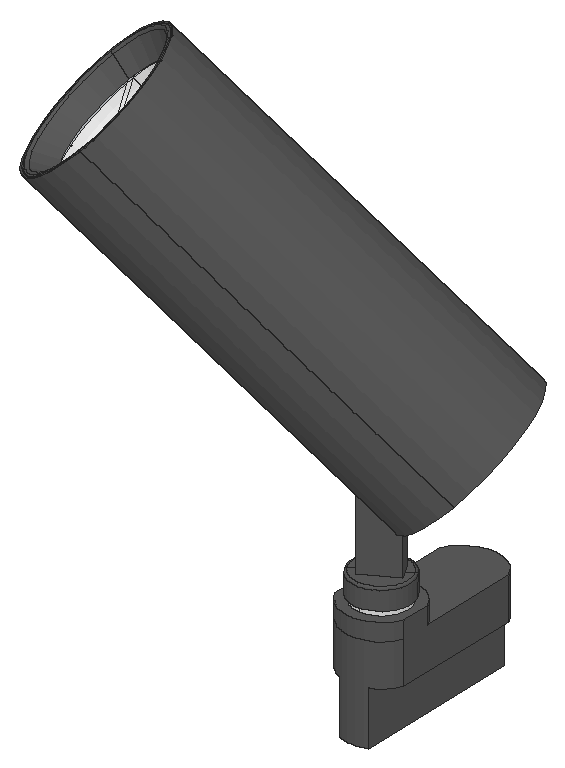
Revit family "0005443", category Lighting Fixtures, host Face, Revit 2017
Family settings
  Host = Face
  Round Connector Dimension = Use Diameter
  Part Type = Normal
  OmniClass Number = 23.80.70.00
  OmniClass Title = Lighting
  Cut with Voids When Loaded = No
  Light Source = No
  Shared = No
  Room Calculation Point = No
Parameters (values of type "0005443 PIXO MEDIUM 2800LM 930 NB MB WB BLK - 24 degree")
  Weight = "7.136 kg"
  Wattage Comments = ""
  WarrantyStartDate [instance] = "n/a"
  WarrantyGuarantorParts = "n/a"
  WarrantyDurationUnit = "n/a"
  WarrantyDurationParts = "n/a"
  WarrantyDescription = "n/a"
  Voltage = 0 V
  VerticalRotation_SYL [instance] = 60.00°
  VerticalEndAngle_SYL [instance] = VerticalRotation_SYL - 180.00°  # -120.00°
  URL = "http://www.sylvania-lighting.com"
  TypeName = "Pixo Medium 2800lm 930 NB MB WB BLK"
  TypeHead_SYL = START Track Spot Integral Head : 0005443 - 24
  TypeArm_SYL = START Track Spot Integral Arm : START Track Spot Integral BL
  Type Image = <None>
  Type Comments = "n/a"
  SerialNumber [instance] = "n/a"
  Material_3_SYL = none
  PowerFactor = 0.9
  PowerConsumption = "32 W"
  NominalLength = 283 mm
  NominalHeight = 81 mm
  NominalDepth = 86 mm
  Name = "Pixo Medium 2800lm 930 NB MB WB BLK"
  ModelReference = Name  # "Pixo Medium 2800lm 930 NB MB WB BLK"
  ModelNumber = "0005443"
  Model = Name  # "Pixo Medium 2800lm 930 NB MB WB BLK"
  Material = "n/a"
  ManufacturerName = "Feilo Sylvania"
  Manufacturer = "Feilo Sylvania"
  LuminousEfficacy = "89 lm/W"
  LuminaireType = ""
  LightOutputRatio = "n/a"
  LampsType = Lamp  # "LED"
  LampNominalLuminous = "2835 lm"
  LampMacAdamStep = "5"
  LampColourTemperature = "3000 K"
  LampColourRenderingIndex = "90"
  Lamp = "LED"
  Keynote = "16500"
  InstallationDate [instance] = "n/a"
  InputVoltage = "n/a"
  InputNominalFrequency = "n/a"
  IngressProtection = "IP20"
  ImpactProtectionIndex = "IK03"
  IfcExportType = "IfcLightFixtureType"
  IfcExportAs = "IfcLightFixtureType"
  HorizontalRotation_SYL [instance] = 45.00°
  ExpectedLife = 50000
  ElectricShockClassification = "Class I"
  DurationUnit = "hours"
  DocumentationLiterature = "http://www.sylvania-lighting.com/product/en-int/products/0005443"
  DimmingControlOptions = "n/a"
  Material_2_SYL = Spacer-Sylvania-StartTrackSpot-Aluminium
  Description = "Integrated LED spotlight, Textured Black - RAL9005, simple and slick integral design with no driver box and without any visible screws, ideal for retail applications, die-cast aluminium body, passive cooling heatsink. Beam angle: 36°, additional lenses 24° and 54° beam angle included, color temperature: 3000K , total system power: 32W, total fixture output: 2835 lm, LOR: 100%, colour rendering: Ra: 90 typical, LED Chromaticity: 3 step MacAdam ellipse, lifetime: >50000 hours at L70B50, energy class: A++, A+, A, IR/UV free light source without heat radiation, operating voltage: 220-240V / 50-60Hz,  electronic driver, non-dimmable, ultra low LED flickering rate (5% or less), power factor: >0.90, electrical protection: Class I, Global Track 3 Circuit GA69 adapter suitable for Global trac 3-circuit tracks, ingress protection rating: IP20, suitable for internal environment only, horizontal rotation: 345°, vertical tilt: 90°, dimensions: Ø80x86x283, weight: 0.892kg."
  Default Elevation = 1219.2 mm
  CreatedOn = "9/9/2020"
  CreatedBy = "@sylvania-lighting.com"
  Cost = 0
  built-in parameter 1114216 [instance] = (empty or 0)
  ClassificationValue = "EF_70_80"
  ClassificationName = "Uniclass2015"
  Material_1_SYL = Body-Sylvania-StartTrackSpot-Black
  BarCode [instance] = "n/a"
  AssetType = "Fixed"
  AssetIdentifier [instance] = "n/a"
  Assembly Code = "D5020200"
  Apparent Load = 32 VA
  Material_4_SYL = none
Reference planes
  plane 1 "Center (Front/Back)": y = 0
  plane 2: z = 0
  plane 3 "Center (Left/Right)": x = 0
  plane 4: x = 16.6
  plane 5: x = -16.6
  plane 6: x = 7
  plane 7: x = -7
  plane 8: x = -12.8
  plane 9: y = 42
  plane 10: y = 42
  plane 11: y = -42
  plane 12: y = 31.4
  plane 13: y = -31.4
  plane 14: z = -26
  plane 15: z = 20.3
  plane 16: z = 28.5
  plane 17: z = 31.2
  plane 18: y = -17.4
  plane 19: y = -6.8
  plane 20: y = -24.4
Forms (mm)
  Extrusion 1, solid, material "Body-Sylvania-StartTrackSpot-Black" <- "Material_1_SYL"
    sketch origin (0, 0, 0) x (1, 0, 0) y (0, 1, 0)
      loop
        line (-16.6, 31.4) -> (-16.6, -31.4)
        arc (-16.6, -31.4) -> (0, -42) -> (16.6, -31.4) r 18.298
        line (16.6, -31.4) -> (16.6, 31.4)
        arc (16.6, 31.4) -> (0, 42) -> (-16.6, 31.4) r 18.298
    from -26 to 20.3
  Extrusion 2, void
    sketch origin (0, 0, 0) x (1, 0, 0) y (0, 1, 0)
      loop
        arc (-7, 40.608) -> (-12.666, 36.907) -> (-16.6, 31.4) r 18.298
        line (-16.6, 31.4) -> (-16.6, -31.4)
        arc (-16.6, -31.4) -> (-12.666, -36.907) -> (-7, -40.608) r 18.298
        line (-7, -40.608) -> (-7, 40.608)
      loop
        line (16.6, -31.4) -> (16.6, 31.4)
        arc (16.6, 31.4) -> (12.666, 36.907) -> (7, 40.608) r 18.298
        line (7, 40.608) -> (7, -40.608)
        arc (7, -40.608) -> (12.666, -36.907) -> (16.6, -31.4) r 18.298
    from 0 to -26
  Extrusion 3, solid, material "Body-Sylvania-StartTrackSpot-Black" <- "Material_1_SYL"
    sketch origin (1223.4, -4572, 20.3) x (0, -1, 0) y (-1, 0, 0)
      loop
        line (-4540.6, 1240) -> (-4554.6, 1240)
        arc (-4554.6, 1240) -> (-4565.2, 1223.4) -> (-4554.6, 1206.8) r 18.298
        line (-4554.6, 1206.8) -> (-4540.6, 1206.8)
        arc (-4540.6, 1206.8) -> (-4530, 1223.4) -> (-4540.6, 1240) r 18.298
    from -8.2 to 0
  Extrusion 4, solid, material "Spacer-Sylvania-StartTrackSpot-Aluminium" <- "Material_2_SYL"
    sketch origin (1223.4, -4572, 28.5) x (0, -1, 0) y (-1, 0, 0)
      loop
        circle (-4547.6, 1223.4) r 12.7
    from 0 to -2.7
  Revolve 5, solid, not visible
    sketch origin (1524, -24.4, 1219.2) x (1, 0, 0) y (0, 0, 1)
      loop
        line (-1524, -1188) -> (-1524, -1168.735) -> (-1531, -1168.735) -> (-1531, -1188) -> (-1524, -1188)
      axis (-1524, -1168.735) -> (-1524, -1188)
    angle from 60 <- "VerticalRotation_SYL" to -120 <- "VerticalEndAngle_SYL"
Cuts and joins
  Extrusion 2 cuts Extrusion 1
  joined: Extrusion 1, Extrusion 3
Lines and regions (mm)
  reference lines
    curve 1: circle (0, -24.4, 0) r 12.7 normal (0, 0, 1)
    curve 2: arc (-16.6, -31.4, 0) -> (0, -42, 0) -> (16.6, -31.4, 0) r 18.298
    curve 3: arc (-16.6, -17.4, 0) -> (0, -6.8, 0) -> (16.6, -17.4, 0) r 18.298
    curve 4: arc (-16.6, 31.4, 0) -> (0, 42, 0) -> (16.6, 31.4, 0) r 18.298
Dimensions and locks
  plane 6 to plane 3 "Center (Left/Right)" to plane 7 = 7 mm locked, 7 mm locked
  plane 4 to plane 3 "Center (Left/Right)" to plane 5 = 16.6 mm locked, 16.6 mm locked
  locked: plane 3 "Center (Left/Right)" to plane 8 at 12.8
  plane 11 to plane 1 "Center (Front/Back)" to plane 10 = 42 mm locked, 42 mm locked
  plane 13 to plane 1 "Center (Front/Back)" to plane 12 = 31.4 mm locked, 31.4 mm locked
  locked: plane 2 to plane 14 at 26
  locked: plane 15 to plane 2 at 20.3
  plane 17 to plane 16 to plane 15 = 2.7 mm locked, 8.2 mm locked
  locked: plane 13 to plane 18 at 14
  locked: plane 18 to plane 19 at 10.6
  equal spacing: plane 13, plane 20, plane 18
  locked: plane 20 to curve 2 at 0.698
  locked: curve 3 to plane 20 at 0.698
  aligned and locked: plane 2 to host face
  aligned and locked: level to host face
  aligned and locked: plane 3 "Center (Left/Right)" to curve 1
  aligned and locked: plane 20 to curve 1
  aligned and locked: plane 13 to curve 2  (x2)
  aligned and locked: plane 18 to curve 3  (x2)
  aligned and locked: plane 12 to curve 4  (x2)
  aligned and locked: plane 4 to curve 4
  aligned and locked: plane 3 "Center (Left/Right)" to curve 4
  aligned and locked: plane 5 to curve 2
  aligned and locked: plane 5 to curve 3
  aligned and locked: plane 4 to curve 3
  aligned and locked: plane 4 to curve 2
  aligned and locked: plane 12 to Extrusion 1 sketch curve
  aligned and locked: plane 13 to Extrusion 1 sketch curve
  aligned and locked: Extrusion 1 sketch curve to curve 4
  aligned and locked: Extrusion 1 sketch curve to curve 2
  aligned and locked: Extrusion 1 to plane 15
  aligned and locked: plane 14 to Extrusion 1
  aligned and locked: Extrusion 2 sketch curve to Extrusion 1  (x5)
  aligned and locked: Extrusion 2 sketch curve to plane 7
  aligned and locked: plane 14 to Extrusion 2
  aligned and locked: level to Extrusion 2
  aligned and locked: Extrusion 3 sketch curve to cut or joined group of Extrusion 1, Extrusion 2, Extrusion 3  (x2)
  aligned and locked: Extrusion 3 sketch curve to curve 3
  aligned and locked: cut or joined group of Extrusion 1, Extrusion 2, Extrusion 3 to Extrusion 3 sketch curve
  aligned and locked: Extrusion 3 to plane 16
  aligned and locked: plane 15 to Extrusion 3
  aligned and locked: Extrusion 4 sketch curve to curve 1
  aligned and locked: Extrusion 4 to plane 17
  aligned and locked: plane 16 to Extrusion 4
  aligned and locked: Revolve 5 sketch curve to plane 3 "Center (Left/Right)"
  aligned and locked: Extrusion 4 to Revolve 5 sketch curve
  aligned and locked: Revolve 5 sketch curve to Extrusion 4
  aligned and locked: plane 17 to nested 1
Automatic sketch dimensions
  host sketch curve to host sketch curve = 2438.4 mm  (x2)
  plane 12 to curve 4 = 7.698 mm
  plane 12 to Extrusion 2 sketch curve = 0 mm
  Extrusion 2 sketch curve to Extrusion 2 sketch curve = 0 mm  (x2)
  Extrusion 2 sketch curve to plane 6 = 0 mm
  Revolve 5 sketch curve to plane 7 = 0 mm
  Revolve 5 sketch curve to Revolve 5 sketch curve = 19.265 mm
  plane 14 to Revolve 5 sketch curve = 583.6 mm
  Revolve 5 sketch curve to Revolve 5 sketch curve = 2558.594 mm
  radius of curve 1 = 12.7 mm
Nested families
  nested 1: "START Track Spot Integral Arm" at (0, -24.4, 31.2) x (0, 0, -1) z (0.866, 0.5, 0), type <- "TypeArm_SYL", HorizontalRotation_SYL <- "HorizontalRotation_SYL", type "START Track Spot Integral BL"
    with HorizontalRotation_SYL 45.00°, HorizontalEndAngle_SYL -135.00°
  nested 2: "START Track Spot Integral Head" at (18.677, -13.617, 104.767) x (-0.5, 0.866, 0) z (0.6124, 0.3536, -0.7071), type <- "TypeHead_SYL", type "0005443 - 24"
    with built-in parameter 1114216 (empty or 0)
Connectors
  electrical at (0, 0, 0), driven by "Apparent Load", driven by "PowerFactor", driven by "Voltage"
    settings: index 1, voltage 0 V, apparent load 32 VA, apparent load phase1 0 VA, apparent load phase2 0 VA, apparent load phase3 0 VA, power factor 0.9, load classification "Lighting", number of poles 1, system type 30, power factor state 1, is connector primary yes, connector utility no, sub classification motor no, connector description ""
Definition of nested family "START Track Spot Integral Arm"
  Parameters (values of type "START Track Spot Integral WH")
    URL = "http://www.sylvania-lighting.com"
    Type Image = (empty or 0)
    Type Comments = "n/a"
    Material_3_SYL = none
    Model = ""
    Manufacturer = "Feilo Sylvania"
    Keynote = ""
    Material_2_SYL = none
    HorizontalRotation_SYL [instance] = 0.00°
    HorizontalEndAngle_SYL [instance] = HorizontalRotation_SYL - 180.00°  # -180.00°
    Description = ""
    Default Elevation = 1219.2 mm
    Cost = 0
    Material_1_SYL = none
    Assembly Code = ""
    Material_4_SYL = none
  Types (2): name
    START Track Spot Integral WH
    START Track Spot Integral BL
  Reference planes
    plane 1 "Center (Front/Back)": y = 0
    plane 2: z = 0
    plane 3 "Center (Left/Right)": x = 0
    plane 4: x = -10
    plane 5: z = -14
    plane 6: z = -14
    plane 7: z = 14
    plane 8: x = -52
    plane 9: z = 9
    plane 10: z = -9
    plane 11: x = -60
    plane 12: y = 4.5
    plane 13: y = -4.5
    plane 14: x = -9
    plane 15: z = 13
    plane 16: z = 4
    plane 17: z = -4
    plane 18: x = -55
  Forms (mm)
    Extrusion 1, solid
      sketch origin (4.2, 0, 0) x (1, 0, 0) y (0, 1, 0)
        loop
          line (-1219.2, 1219.2) -> (-1219.2, -1219.2) -> (1219.2, -1219.2) -> (1219.2, 1219.2) -> (-1219.2, 1219.2)
      from 0 to -68.017
    Revolve 2, solid, material <- "Material_1_SYL"
      sketch origin (0, 0, 0) x (1, 0, 0) y (0, 0, 1)
        loop
          line (0, 0) -> (0, 14) -> (-9, 14)
          arc (-9, 14) -> (-9.707, 13.707) -> (-10, 13) r 1
          line (-10, 13) -> (-10, 0) -> (0, 0)
        axis (-10, 0) -> (0, 0)
      angle from 360 to 0
    Extrusion 3, solid, material <- "Material_1_SYL"
      sketch origin (0, 0, 0) x (1, 0, 0) y (0, 0, 1)
        loop
          line (-10, 9) -> (-55, 9)
          arc (-55, 9) -> (-58.536, 7.536) -> (-60, 4) r 5
          line (-60, 4) -> (-60, -4)
          arc (-60, -4) -> (-58.536, -7.536) -> (-55, -9) r 5
          line (-55, -9) -> (-10, -9) -> (-10, 9)
      from -4.5 to 4.5
    Revolve 4, solid, not visible
      sketch origin (-52, -4572, 2609.058) x (0, 0, 1) y (0, -1, 0)
        loop
          line (-2609.058, -4553.46) -> (-2609.058, -4590.54) -> (-2605.058, -4590.54) -> (-2605.058, -4553.46) -> (-2609.058, -4553.46)
        axis (-2609.058, -4553.46) -> (-2609.058, -4590.54)
      angle from 0 <- "HorizontalRotation_SYL" to -180 <- "HorizontalEndAngle_SYL"
  Dimensions and locks
    locked: plane 3 "Center (Left/Right)" to plane 4 at 10
    plane 7 to plane 2 to plane 6 = 14 mm locked, 14 mm locked
    locked: plane 4 to plane 8 at 42
    plane 13 to plane 1 "Center (Front/Back)" to plane 12 = 4.5 mm locked, 4.5 mm locked
    locked: plane 14 to plane 4 at 1
    locked: plane 7 to plane 15 at 1
    locked: plane 9 to plane 16 at 5
    locked: plane 17 to plane 10 at 5
    equal spacing: Revolve 4 sketch curve, plane 1 "Center (Front/Back)", Revolve 4 sketch curve
    locked: Revolve 4 sketch curve to plane 1 "Center (Front/Back)" at 18.54
    locked: plane 18 to plane 11 at 5
    locked: plane 4 to plane 11 at 50
    aligned and locked: plane 2 to Extrusion 1
    aligned and locked: level to Extrusion 1
    aligned and locked: level to Revolve 2 sketch curve  (x2)
    aligned and locked: plane 3 "Center (Left/Right)" to Revolve 2 sketch curve
    aligned and locked: Revolve 2 sketch curve to plane 7
    aligned and locked: plane 4 to Revolve 2 sketch curve
    aligned and locked: plane 15 to Revolve 2 sketch curve
    aligned and locked: plane 14 to Revolve 2 sketch curve
    aligned and locked: Revolve 2 sketch curve to plane 2
    aligned and locked: Extrusion 3 sketch curve to plane 9
    aligned and locked: plane 4 to Extrusion 3 sketch curve
    aligned and locked: plane 10 to Extrusion 3 sketch curve
    aligned and locked: Extrusion 3 sketch curve to plane 11
    aligned and locked: plane 13 to Extrusion 3
    aligned and locked: Extrusion 3 to plane 12
    aligned and locked: plane 16 to Extrusion 3 sketch curve
    aligned and locked: plane 17 to Extrusion 3 sketch curve
    aligned and locked: Revolve 4 sketch curve to level
    aligned and locked: Revolve 4 sketch curve to plane 16
    aligned and locked: Revolve 4 sketch curve to plane 2
    aligned and locked: plane 18 to Extrusion 3 sketch curve  (x2)
Definition of nested family "START Track Spot Integral Head"
  Parameters (values of type "0005443 - 24")
    WidthCutOut_SYL = 9.5 mm  # constant formula
    Wattage Comments = "n/a"
    Wattage = 33 W
    built-in parameter 1150110 = 1 (stored number, unit not read)
    URL = "http://www.sylvania-lighting.com"
    Type Image = (empty or 0)
    Type Comments = "n/a"
    built-in parameter 1114217 = 1 (stored number, unit not read)
    Tilt Angle = 90.00°
    built-in parameter 1150109 = 1 (stored number, unit not read)
    built-in parameter 1150134 = (empty or 0)
    built-in parameter 1150113 = 1 (stored number, unit not read)
    S_SYL = no
    RadiusLensOut_SYL = if(S_SYL, 21 mm, if(M_SYL, 30.5 mm, 33 mm))  # 30.5 mm
    RadiusLensHolder_SYL = 1.8 mm  # constant formula
    RadiusHead_SYL = if(S_SYL, 30 mm, if(M_SYL, 40 mm, 45.5 mm))  # 40 mm
    RadiusEmission_SYL = if(S_SYL, 8 mm, if(M_SYL, 16.5 mm, 16.5 mm))  # 16.5 mm
    Photometric Web File = "0005443_24.ies"
    built-in parameter 1150142 = "IESNA:LM-63-2002\r\n[TEST] 202010557\r\n[TESTLAB] \r\n[TESTDATE] 26 May 2020\r\n[ISSUEDATE] 26 May 2020\r\n[MANUFAC] Sylvania\r\n[LUMCAT] 202010557\r\n[LUMINAIRE] FT1080-B-3000£¨24¡ã£©\r\n[FLASHAREA] 0.000985\r\n[LAMPCAT] 202010557\r\n[LAMP] LED 32W - 30.78 W\r\nTILT=NONE\r\n1 2521.40 1.0 181 4 1 2 -0.072 -0.072 0.000\r\n1.00 1.00 30.78\r\n0.00 1.00 2.00 3.00 4.00 5.00 6.00 7.00 8.00 9.00 10.00 \r\n11.00 12.00 13.00 14.00 15.00 16.00 17.00 18.00 19.00 \r\n20.00 21.00 22.00 23.00 24.00 25.00 26.00 27.00 28.00 \r\n29.00 30.00 31.00 32.00 33.00 34.00 35.00 36.00 37.00 \r\n38.00 39.00 40.00 41.00 42.00 43.00 44.00 45.00 46.00 \r\n47.00 48.00 49.00 50.00 51.00 52.00 53.00 54.00 55.00 \r\n56.00 57.00 58.00 59.00 60.00 61.00 62.00 63.00 64.00 \r\n65.00 66.00 67.00 68.00 69.00 70.00 71.00 72.00 73.00 \r\n74.00 75.00 76.00 77.00 78.00 79.00 80.00 81.00 82.00 \r\n83.00 84.00 85.00 86.00 87.00 88.00 89.00 90.00 91.00 \r\n92.00 93.00 94.00 95.00 96.00 97.00 98.00 99.00 100.00 \r\n101.00 102.00 103.00 104.00 105.00 106.00 107.00 108.00 \r\n109.00 110.00 111.00 112.00 113.00 114.00 115.00 116.00 \r\n117.00 118.00 119.00 120.00 121.00 122.00 123.00 124.00 \r\n125.00 126.00 127.00 128.00 129.00 130.00 131.00 132.00 \r\n133.00 134.00 135.00 136.00 137.00 138.00 139.00 140.00 \r\n141.00 142.00 143.00 144.00 145.00 146.00 147.00 148.00 \r\n149.00 150.00 151.00 152.00 153.00 154.00 155.00 156.00 \r\n157.00 158.00 159.00 160.00 161.00 162.00 163.00 164.00 \r\n165.00 166.00 167.00 168.00 169.00 170.00 171.00 172.00 \r\n173.00 174.00 175.00 176.00 177.00 178.00 179.00 180.00 \r\n0.00 30.00 60.00 90.00 \r\n11645.79 11727.10 11629.41 11458.06 11223.18 10880.41 \r\n10437.99 9882.83 9206.04 8407.96 7551.52 6714.87 5900.60 \r\n5149.72 4449.81 3865.51 3326.42 2850.16 2430.24 2067.59 \r\n1753.33 1478.20 1213.92 1003.82 813.77 652.35 525.61 \r\n421.33 339.32 265.65 213.35 174.25 140.37 117.39 100.06 \r\n87.59 78.25 71.46 66.35 61.71 57.58 54.14 51.26 48.69 \r\n46.34 44.53 43.21 42.27 41.76 41.55 41.49 41.64 41.82 \r\n41.88 41.87 41.65 41.28 40.70 39.84 38.77 37.55 35.86 \r\n34.36 32.63 30.88 29.16 27.37 25.49 23.58 21.59 19.53 \r\n17.39 15.32 13.23 11.11 9.10 7.08 5.04 3.37 2.43 1.64 \r\n0.97 0.35 0.04 0.01 0.00 0.01 0.01 0.01 0.00 0.00 0.00 \r\n0.00 0.00 0.01 0.01 0.01 0.01 0.01 0.01 0.01 0.01 0.01 \r\n0.01 0.02 0.02 0.02 0.02 0.02 0.02 0.02 0.00 0.00 0.00 \r\n0.00 0.00 0.00 0.00 0.00 0.00 0.00 0.00 0.00 0.00 0.00 \r\n0.00 0.00 0.00 0.00 0.00 0.00 0.00 0.00 0.00 0.00 0.00 \r\n0.00 0.00 0.00 0.00 0.00 0.00 0.00 0.00 0.00 0.00 0.00 \r\n0.00 0.00 0.00 0.00 0.00 0.00 0.00 0.00 0.00 0.00 0.00 \r\n0.00 0.00 0.00 0.00 0.00 0.00 0.00 0.00 0.00 0.00 0.00 \r\n0.00 0.00 0.00 0.00 0.00 0.00 0.00 0.00 0.00 0.00 0.00 \r\n0.00 \r\n11645.79 11679.96 11590.14 11412.12 11155.81 10795.23 \r\n10348.92 9803.71 9110.50 8330.24 7516.86 6686.15 5882.18 \r\n5129.40 4430.57 3826.81 3317.16 2840.48 2428.39 2069.03 \r\n1753.11 1458.91 1208.42 1000.81 813.27 656.70 530.51 \r\n428.27 346.30 272.53 218.64 177.42 145.57 120.87 102.91 \r\n89.55 79.67 72.65 67.14 62.73 58.86 55.50 52.59 50.12 \r\n47.96 46.12 44.73 43.79 43.25 42.98 42.98 43.09 43.26 \r\n43.29 43.18 42.75 42.09 41.20 40.14 38.94 37.40 35.86 \r\n34.30 32.68 30.98 29.23 27.41 25.54 23.62 21.65 19.53 \r\n17.39 15.29 13.20 11.13 9.13 7.09 5.07 3.52 2.46 1.66 \r\n0.97 0.39 0.07 0.01 0.01 0.01 0.01 0.00 0.00 0.00 0.00 \r\n0.00 0.00 0.01 0.01 0.01 0.01 0.01 0.01 0.01 0.01 0.01 \r\n0.01 0.01 0.01 0.01 0.01 0.02 0.02 0.02 0.00 0.00 0.00 \r\n0.00 0.00 0.00 0.00 0.00 0.00 0.00 0.00 0.00 0.00 0.00 \r\n0.00 0.00 0.00 0.00 0.00 0.00 0.00 0.00 0.00 0.00 0.00 \r\n0.00 0.00 0.00 0.00 0.00 0.00 0.00 0.00 0.00 0.00 0.00 \r\n0.00 0.00 0.00 0.00 0.00 0.00 0.00 0.00 0.00 0.00 0.00 \r\n0.00 0.00 0.00 0.00 0.00 0.00 0.00 0.00 0.00 0.00 0.00 \r\n0.00 0.00 0.00 0.00 0.00 0.00 0.00 0.00 0.00 0.00 0.00 \r\n0.00 \r\n11645.79 11626.57 11528.24 11355.95 11095.47 10742.26 \r\n10293.65 9738.86 9066.17 8297.04 7486.40 6672.78 5879.26 \r\n5133.07 4452.79 3849.45 3327.20 2858.71 2445.79 2087.04 \r\n1768.61 1488.19 1237.18 1015.52 829.58 672.10 543.31 \r\n440.17 351.60 279.09 223.27 179.80 148.87 121.15 101.86 \r\n87.77 77.74 70.85 65.48 61.12 57.44 54.31 51.43 49.11 \r\n47.25 45.70 44.58 43.79 43.33 43.20 43.18 43.23 43.30 \r\n43.29 43.16 42.78 42.13 41.32 40.33 39.15 37.74 36.18 \r\n34.61 32.92 31.14 29.35 27.52 25.65 23.70 21.66 19.55 \r\n17.42 15.31 13.23 11.19 9.18 7.15 5.19 3.59 2.51 1.69 \r\n1.00 0.39 0.09 0.01 0.01 0.00 0.00 0.00 0.00 0.00 0.00 \r\n0.00 0.01 0.01 0.01 0.01 0.01 0.01 0.01 0.01 0.02 0.01 \r\n0.01 0.01 0.02 0.02 0.02 0.02 0.02 0.02 0.00 0.00 0.00 \r\n0.00 0.00 0.00 0.00 0.00 0.00 0.00 0.00 0.00 0.00 0.00 \r\n0.00 0.00 0.00 0.00 0.00 0.00 0.00 0.00 0.00 0.00 0.00 \r\n0.00 0.00 0.00 0.00 0.00 0.00 0.00 0.00 0.00 0.00 0.00 \r\n0.00 0.00 0.00 0.00 0.00 0.00 0.00 0.00 0.00 0.00 0.00 \r\n0.00 0.00 0.00 0.00 0.00 0.00 0.00 0.00 0.00 0.00 0.00 \r\n0.00 0.00 0.00 0.00 0.00 0.00 0.00 0.00 0.00 0.00 0.00 \r\n0.00 \r\n11645.79 11603.63 11488.46 11312.82 11063.53 10704.13 \r\n10252.49 9698.27 9036.03 8281.97 7465.36 6650.45 5856.64 \r\n5117.89 4436.26 3832.00 3334.59 2853.12 2443.62 2083.57 \r\n1769.06 1472.34 1225.77 1014.09 832.31 676.61 548.83 \r\n442.65 355.20 287.48 226.17 184.64 149.23 124.23 105.38 \r\n91.41 81.04 73.55 67.95 63.40 59.42 56.00 52.87 50.00 \r\n47.69 45.87 44.60 43.57 42.97 42.61 42.45 42.44 42.53 \r\n42.56 42.41 42.10 41.59 40.86 39.97 38.86 37.38 35.81 \r\n34.20 32.50 30.78 29.02 27.21 25.38 23.50 21.51 19.46 \r\n17.37 15.25 13.13 11.11 9.10 7.09 5.12 3.57 2.50 1.70 \r\n0.97 0.39 0.09 0.01 0.01 0.00 0.00 0.00 0.00 0.01 0.00 \r\n0.00 0.01 0.01 0.01 0.01 0.01 0.01 0.01 0.01 0.02 0.01 \r\n0.01 0.01 0.01 0.01 0.01 0.02 0.02 0.03 0.00 0.00 0.00 \r\n0.00 0.00 0.00 0.00 0.00 0.00 0.00 0.00 0.00 0.00 0.00 \r\n0.00 0.00 0.00 0.00 0.00 0.00 0.00 0.00 0.00 0.00 0.00 \r\n0.00 0.00 0.00 0.00 0.00 0.00 0.00 0.00 0.00 0.00 0.00 \r\n0.00 0.00 0.00 0.00 0.00 0.00 0.00 0.00 0.00 0.00 0.00 \r\n0.00 0.00 0.00 0.00 0.00 0.00 0.00 0.00 0.00 0.00 0.00 \r\n0.00 0.00 0.00 0.00 0.00 0.00 0.00 0.00 0.00 0.00 0.00 \r\n0.00 \r\n"
    Material_3_SYL = none
    Model = "ST TRK SPT INTGRL 2700LM 930 MB BLK"
    Manufacturer = "Feilo Sylvania"
    M_SYL = yes
    built-in parameter 1150105 = 214.86 (stored number, unit not read)
    Lumens = 2700 lm
    built-in parameter 1150115 = 1 (stored number, unit not read)
    built-in parameter 1150137 = (empty or 0)
    built-in parameter 1150139 = (empty or 0)
    built-in parameter 1150112 = 1 (stored number, unit not read)
    built-in parameter 1150114 = 1 (stored number, unit not read)
    Lamp = "LED"
    Keynote = "16500"
    Material_2_SYL = none
    built-in parameter 1150132 = (empty or 0)
    built-in parameter 1150102 = (empty or 0)
    built-in parameter 1150107 = 3000 (stored number, unit not read)
    built-in parameter 1150138 = (empty or 0)
    built-in parameter 1150106 = 2.1486 (stored number, unit not read)
    Height_SYL = if(S_SYL, 160 mm, if(M_SYL, 200 mm, 215 mm))  # 200 mm
    Emit from Circle Diameter = RadiusLensOut_SYL * 2  # 61 mm
    Emit Shape Visible in Rendering = no
    built-in parameter 1150104 = 7.6012 (stored number, unit not read)
    DistRotateAxisY_SYL = 16.8 mm  # constant formula
    Dimming Lamp Color Temperature Shift = (empty or 0)
    Description = ""
    DepthLens_SYL = 1.25 * (RadiusHead_SYL - 1 mm - RadiusLensOut_SYL)  # 10.625 mm
    DepthEmission_SYL = Height_SYL / 6.4  # 31.25 mm
    DepthCutOut_SYL = WidthCutOut_SYL * 2  # 19 mm
    Default Elevation = 1219.2 mm
    Cost = 0
    Color Filter = 16777215
    built-in parameter 1114216 [instance] = (empty or 0)
    Material_1_SYL = none
    built-in parameter 1114218 = 1 (stored number, unit not read)
    built-in parameter 1150133 = 10 (stored number, unit not read)
    Assembly Code = "D5020200"
    Apparent Load = 33 VA
    Material_4_SYL = none
  Types (3, lengths in mm): name | Photometric Web File | built-in parameter 1150142
    0005443 - 24 | "0005443_24.ies" | "IESNA:LM-63-2002\r\n[TEST] 202010557\r\n[TESTLAB] \r\n[TESTDATE] 26 May 2020\r\n[ISSUEDATE] 26 May 2020\r\n[MANUFAC] Sylvania\r\n[LUMCAT] 202010557\r\n[LUMINAIRE] FT1080-B-3000£¨24¡ã£©\r\n[FLASHAREA] 0.000985\r\n[LAMPCAT] 202010557\r\n[LAMP] LED 32W - 30.78 W\r\nTILT=NONE\r\n1 2521.40 1.0 181 4 1 2 -0.072 -0.072 0.000\r\n1.00 1.00 30.78\r\n0.00 1.00 2.00 3.00 4.00 5.00 6.00 7.00 8.00 9.00 10.00 \r\n11.00 12.00 13.00 14.00 15.00 16.00 17.00 18.00 19.00 \r\n20.00 21.00 22.00 23.00 24.00 25.00 26.00 27.00 28.00 \r\n29.00 30.00 31.00 32.00 33.00 34.00 35.00 36.00 37.00 \r\n38.00 39.00 40.00 41.00 42.00 43.00 44.00 45.00 46.00 \r\n47.00 48.00 49.00 50.00 51.00 52.00 53.00 54.00 55.00 \r\n56.00 57.00 58.00 59.00 60.00 61.00 62.00 63.00 64.00 \r\n65.00 66.00 67.00 68.00 69.00 70.00 71.00 72.00 73.00 \r\n74.00 75.00 76.00 77.00 78.00 79.00 80.00 81.00 82.00 \r\n83.00 84.00 85.00 86.00 87.00 88.00 89.00 90.00 91.00 \r\n92.00 93.00 94.00 95.00 96.00 97.00 98.00 99.00 100.00 \r\n101.00 102.00 103.00 104.00 105.00 106.00 107.00 108.00 \r\n109.00 110.00 111.00 112.00 113.00 114.00 115.00 116.00 \r\n117.00 118.00 119.00 120.00 121.00 122.00 123.00 124.00 \r\n125.00 126.00 127.00 128.00 129.00 130.00 131.00 132.00 \r\n133.00 134.00 135.00 136.00 137.00 138.00 139.00 140.00 \r\n141.00 142.00 143.00 144.00 145.00 146.00 147.00 148.00 \r\n149.00 150.00 151.00 152.00 153.00 154.00 155.00 156.00 \r\n157.00 158.00 159.00 160.00 161.00 162.00 163.00 164.00 \r\n165.00 166.00 167.00 168.00 169.00 170.00 171.00 172.00 \r\n173.00 174.00 175.00 176.00 177.00 178.00 179.00 180.00 \r\n0.00 30.00 60.00 90.00 \r\n11645.79 11727.10 11629.41 11458.06 11223.18 10880.41 \r\n10437.99 9882.83 9206.04 8407.96 7551.52 6714.87 5900.60 \r\n5149.72 4449.81 3865.51 3326.42 2850.16 2430.24 2067.59 \r\n1753.33 1478.20 1213.92 1003.82 813.77 652.35 525.61 \r\n421.33 339.32 265.65 213.35 174.25 140.37 117.39 100.06 \r\n87.59 78.25 71.46 66.35 61.71 57.58 54.14 51.26 48.69 \r\n46.34 44.53 43.21 42.27 41.76 41.55 41.49 41.64 41.82 \r\n41.88 41.87 41.65 41.28 40.70 39.84 38.77 37.55 35.86 \r\n34.36 32.63 30.88 29.16 27.37 25.49 23.58 21.59 19.53 \r\n17.39 15.32 13.23 11.11 9.10 7.08 5.04 3.37 2.43 1.64 \r\n0.97 0.35 0.04 0.01 0.00 0.01 0.01 0.01 0.00 0.00 0.00 \r\n0.00 0.00 0.01 0.01 0.01 0.01 0.01 0.01 0.01 0.01 0.01 \r\n0.01 0.02 0.02 0.02 0.02 0.02 0.02 0.02 0.00 0.00 0.00 \r\n0.00 0.00 0.00 0.00 0.00 0.00 0.00 0.00 0.00 0.00 0.00 \r\n0.00 0.00 0.00 0.00 0.00 0.00 0.00 0.00 0.00 0.00 0.00 \r\n0.00 0.00 0.00 0.00 0.00 0.00 0.00 0.00 0.00 0.00 0.00 \r\n0.00 0.00 0.00 0.00 0.00 0.00 0.00 0.00 0.00 0.00 0.00 \r\n0.00 0.00 0.00 0.00 0.00 0.00 0.00 0.00 0.00 0.00 0.00 \r\n0.00 0.00 0.00 0.00 0.00 0.00 0.00 0.00 0.00 0.00 0.00 \r\n0.00 \r\n11645.79 11679.96 11590.14 11412.12 11155.81 10795.23 \r\n10348.92 9803.71 9110.50 8330.24 7516.86 6686.15 5882.18 \r\n5129.40 4430.57 3826.81 3317.16 2840.48 2428.39 2069.03 \r\n1753.11 1458.91 1208.42 1000.81 813.27 656.70 530.51 \r\n428.27 346.30 272.53 218.64 177.42 145.57 120.87 102.91 \r\n89.55 79.67 72.65 67.14 62.73 58.86 55.50 52.59 50.12 \r\n47.96 46.12 44.73 43.79 43.25 42.98 42.98 43.09 43.26 \r\n43.29 43.18 42.75 42.09 41.20 40.14 38.94 37.40 35.86 \r\n34.30 32.68 30.98 29.23 27.41 25.54 23.62 21.65 19.53 \r\n17.39 15.29 13.20 11.13 9.13 7.09 5.07 3.52 2.46 1.66 \r\n0.97 0.39 0.07 0.01 0.01 0.01 0.01 0.00 0.00 0.00 0.00 \r\n0.00 0.00 0.01 0.01 0.01 0.01 0.01 0.01 0.01 0.01 0.01 \r\n0.01 0.01 0.01 0.01 0.01 0.02 0.02 0.02 0.00 0.00 0.00 \r\n0.00 0.00 0.00 0.00 0.00 0.00 0.00 0.00 0.00 0.00 0.00 \r\n0.00 0.00 0.00 0.00 0.00 0.00 0.00 0.00 0.00 0.00 0.00 \r\n0.00 0.00 0.00 0.00 0.00 0.00 0.00 0.00 0.00 0.00 0.00 \r\n0.00 0.00 0.00 0.00 0.00 0.00 0.00 0.00 0.00 0.00 0.00 \r\n0.00 0.00 0.00 0.00 0.00 0.00 0.00 0.00 0.00 0.00 0.00 \r\n0.00 0.00 0.00 0.00 0.00 0.00 0.00 0.00 0.00 0.00 0.00 \r\n0.00 \r\n11645.79 11626.57 11528.24 11355.95 11095.47 10742.26 \r\n10293.65 9738.86 9066.17 8297.04 7486.40 6672.78 5879.26 \r\n5133.07 4452.79 3849.45 3327.20 2858.71 2445.79 2087.04 \r\n1768.61 1488.19 1237.18 1015.52 829.58 672.10 543.31 \r\n440.17 351.60 279.09 223.27 179.80 148.87 121.15 101.86 \r\n87.77 77.74 70.85 65.48 61.12 57.44 54.31 51.43 49.11 \r\n47.25 45.70 44.58 43.79 43.33 43.20 43.18 43.23 43.30 \r\n43.29 43.16 42.78 42.13 41.32 40.33 39.15 37.74 36.18 \r\n34.61 32.92 31.14 29.35 27.52 25.65 23.70 21.66 19.55 \r\n17.42 15.31 13.23 11.19 9.18 7.15 5.19 3.59 2.51 1.69 \r\n1.00 0.39 0.09 0.01 0.01 0.00 0.00 0.00 0.00 0.00 0.00 \r\n0.00 0.01 0.01 0.01 0.01 0.01 0.01 0.01 0.01 0.02 0.01 \r\n0.01 0.01 0.02 0.02 0.02 0.02 0.02 0.02 0.00 0.00 0.00 \r\n0.00 0.00 0.00 0.00 0.00 0.00 0.00 0.00 0.00 0.00 0.00 \r\n0.00 0.00 0.00 0.00 0.00 0.00 0.00 0.00 0.00 0.00 0.00 \r\n0.00 0.00 0.00 0.00 0.00 0.00 0.00 0.00 0.00 0.00 0.00 \r\n0.00 0.00 0.00 0.00 0.00 0.00 0.00 0.00 0.00 0.00 0.00 \r\n0.00 0.00 0.00 0.00 0.00 0.00 0.00 0.00 0.00 0.00 0.00 \r\n0.00 0.00 0.00 0.00 0.00 0.00 0.00 0.00 0.00 0.00 0.00 \r\n0.00 \r\n11645.79 11603.63 11488.46 11312.82 11063.53 10704.13 \r\n10252.49 9698.27 9036.03 8281.97 7465.36 6650.45 5856.64 \r\n5117.89 4436.26 3832.00 3334.59 2853.12 2443.62 2083.57 \r\n1769.06 1472.34 1225.77 1014.09 832.31 676.61 548.83 \r\n442.65 355.20 287.48 226.17 184.64 149.23 124.23 105.38 \r\n91.41 81.04 73.55 67.95 63.40 59.42 56.00 52.87 50.00 \r\n47.69 45.87 44.60 43.57 42.97 42.61 42.45 42.44 42.53 \r\n42.56 42.41 42.10 41.59 40.86 39.97 38.86 37.38 35.81 \r\n34.20 32.50 30.78 29.02 27.21 25.38 23.50 21.51 19.46 \r\n17.37 15.25 13.13 11.11 9.10 7.09 5.12 3.57 2.50 1.70 \r\n0.97 0.39 0.09 0.01 0.01 0.00 0.00 0.00 0.00 0.01 0.00 \r\n0.00 0.01 0.01 0.01 0.01 0.01 0.01 0.01 0.01 0.02 0.01 \r\n0.01 0.01 0.01 0.01 0.01 0.02 0.02 0.03 0.00 0.00 0.00 \r\n0.00 0.00 0.00 0.00 0.00 0.00 0.00 0.00 0.00 0.00 0.00 \r\n0.00 0.00 0.00 0.00 0.00 0.00 0.00 0.00 0.00 0.00 0.00 \r\n0.00 0.00 0.00 0.00 0.00 0.00 0.00 0.00 0.00 0.00 0.00 \r\n0.00 0.00 0.00 0.00 0.00 0.00 0.00 0.00 0.00 0.00 0.00 \r\n0.00 0.00 0.00 0.00 0.00 0.00 0.00 0.00 0.00 0.00 0.00 \r\n0.00 0.00 0.00 0.00 0.00 0.00 0.00 0.00 0.00 0.00 0.00 \r\n0.00 \r\n"
